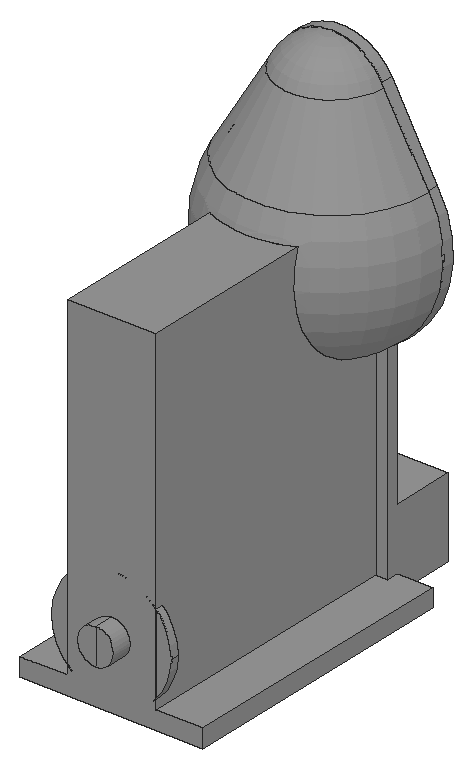
Revit family "Toilet-Willoughby-1490-HET-ETF-FM-BS-HC", category Plumbing Fixtures, host Face, Revit 2014
Parameters (values of type "Standard")
  Waste DIA = 2 1/4"
  Waste Connection = yes
  Vent Connection = no
  URL = "www.willoughby-ind.com"
  Type Comments = ""
  Revision = "A"
  Model = "ETF-1490-HET-FM-BS-HC"
  Manufacturer = "Willoughby Industries"
  HW Connection = no
  Flush Inlet DIA = 1 1/2"
  Flush Inlet Connection = yes
  Fixture Body = Stainless Steel AISI 304-Willoughby
  Description = "High Efficiency  Handicap Toilet"
  Default Elevation = 0' - 0"
  Contact = "(800) 428-4065"
  CW Connection = no
Reference planes (in)
  plane 1 "Center (Front/Back)": y = 0
  plane 2: z = 0
  plane 3 "Center (Left/Right) Waste": x = 0
  plane 4 "Seat HGT": y = 18
  plane 5: y = 17.25
  plane 6: z = 18.5
  plane 7: z = 14.933
  plane 8: x = 3.25
  plane 9: x = -3.25
  plane 10: z = 20.25
  plane 11: x = 7
  plane 12: z = 23.1875
  plane 13: z = 8
  plane 14: z = 10
  plane 15 "Flush HGT": y = 19.25
  plane 16: x = 2.75
  plane 17: x = -2.75
  plane 18: z = 27.75
  plane 19: x = 5.75
  plane 20: x = -5.75
  plane 21: z = 1.125
  plane 22: z = -3
  plane 23 "Unit HGT": y = 22
  plane 24: z = 30.75
  plane 25: z = 22.20827
  plane 26: z = 4.25
Forms (in)
  Extrusion 1, solid, material "Stainless Steel AISI 304-Willoughby" <- "Fixture Body"
    sketch origin (0, 0, 0) x (1, 0, 0) y (0, 1, 0)
      loop
        line (-5.75, 0) -> (5.75, 0) -> (5.75, 18) -> (-5.75, 18) -> (-5.75, 0)
    from 0 to 1.125
  Revolve 2, solid, material "Stainless Steel AISI 304-Willoughby" <- "Fixture Body"
    sketch origin (-60, 17.25, 60.14981) x (-1, 0, 0) y (0, 0, 1)
      loop
        line (-60, -46.89981) -> (-60, -46.39981)
        arc (-60, -46.39981) -> (-65.42136, -42.59037) -> (-65.23755, -35.96698) r 7
        line (-65.23755, -35.96698) -> (-62.80388, -31.72393) -> (-62.74416, -31.59711)
        arc (-62.74416, -31.59711) -> (-61.61332, -30.35842) -> (-60, -29.89981) r 3.067
        line (-60, -29.89981) -> (-60, -29.39981)
        arc (-60, -29.39981) -> (-61.93389, -29.96955) -> (-63.25, -31.49678) r 3.567
        line (-63.25, -31.49678) -> (-66.0721, -36.41706)
        arc (-66.0721, -36.41706) -> (-66.0572, -43.40842) -> (-60, -46.89981) r 7
      axis (-60, -29.39981) -> (-60, -46.89981)
    angle from 0 to 180
  Extrusion 3, solid, material "Stainless Steel AISI 304-Willoughby" <- "Fixture Body"
    sketch origin (0, 0, 12.20755) x (1, 0, 0) y (0, 0, 1)
      loop
        line (-3.5, 1.93865) -> (-3.5, -11.08255) -> (3.5, -11.08255) -> (3.5, 1.93865)
        arc (3.5, 1.93865) -> (6.77318, 6.23534) -> (6.01269, 11.58294) r 6.99928
        line (6.01269, 11.58294) -> (3.14932, 16.69649)
        arc (3.14932, 16.69649) -> (-0.10896, 18.5408) -> (-3.25, 16.50322) r 3.60945
        line (-3.25, 16.50322) -> (-6.10166, 11.42924)
        arc (-6.10166, 11.42924) -> (-6.75024, 6.14955) -> (-3.5, 1.93865) r 6.99928
      loop
        arc (-4.17861, 9.875) -> (0, 3.42) -> (4.17861, 9.875) r 4.58
        line (4.17861, 9.875) -> (1.45817, 16.45616)
        arc (1.45817, 16.45616) -> (-0.05754, 17.35793) -> (-1.5058, 16.35139) r 1.629
        line (-1.5058, 16.35139) -> (-4.17861, 9.875)
    from -18 to -17.25
  Extrusion 4, solid, material "Stainless Steel AISI 304-Willoughby" <- "Fixture Body"
    sketch origin (0, 0, 12.20827) x (0, 1, 0) y (0, 0, 1)
      loop
        line (0, 10) -> (0, -11.08327) -> (17.25, -11.08327) -> (17.25, 1.50333)
        arc (17.25, 1.50333) -> (12.13093, 4.2568) -> (11.23533, 10) r 6.52933
        line (11.23533, 10) -> (0, 10)
    from 2.75 to -2.75
  Revolve 5, solid, material "Stainless Steel AISI 304-Willoughby" <- "Fixture Body"
    sketch origin (0, 19.25, -24) x (0, 0, -1) y (-1, 0, 0)
      loop
        line (-21, 0) -> (-21, 0.75) -> (-25, 0.75) -> (-25, 0) -> (-21, 0)
      axis (-25, 0) -> (-21, 0)
    angle from 0 to 360
  Extrusion 6, solid, material "Stainless Steel AISI 304-Willoughby" <- "Fixture Body"
    sketch origin (0, 0, 0) x (1, 0, 0) y (0, 0, 1)
      loop
        line (3.5, 0) -> (3.5, 5) -> (-3.5, 5) -> (-3.5, 0) -> (3.5, 0)
    from -18 to -22
  Revolve 7, solid, material "Stainless Steel AISI 304-Willoughby" <- "Fixture Body"
    sketch origin (0, 0, 0) x (0, 1, 0) y (0, 0, 1)
      loop
        line (-1.25, 4.25) -> (1.75, 4.25) -> (1.75, 5.375) -> (-1.25, 5.375) -> (-1.25, 4.25)
      axis (1.75, 4.25) -> (-1.25, 4.25)
    angle from 0 to 360
  Extrusion 8, solid, material "Stainless Steel AISI 304-Willoughby" <- "Fixture Body"
    sketch origin (0, 0, 0) x (1, 0, 0) y (0, 0, 1)
      loop
        circle (0, 4.25) r 3.75
    from 0 to -0.5
Cuts and joins
  joined: Extrusion 1, Revolve 2, Extrusion 4
  joined: Extrusion 3, Extrusion 6
Lines and regions (in)
  symbolic lines
    curve 1: line (0, 0, 0) -> (0, 22, 0)
    curve 2: line (0, 22, 0) -> (0, 22, 5)
    curve 3: line (0, 22, 5) -> (0, 18, 5)
    curve 4: line (0, 18, 5) -> (0, 18, 30.75)
    curve 5: line (0, 18, 30.75) -> (0, 17.25, 30.75)
    curve 6: arc (0, 17.25, 30.75) -> (0, 15.52702, 30.30441) -> (0, 14.23609, 29.07936) r 3.55394
    curve 7: line (0, 14.23609, 29.07936) -> (0, 11.23199, 23.82221)
    curve 8: arc (0, 11.23199, 23.82221) -> (0, 10.83688, 23.03434) -> (0, 10.5295, 22.20827) r 8.11918
    curve 9: line (0, 11.1179, 22.20827) -> (0, 0, 22.20827)
    curve 10: line (0, 0, 22.20827) -> (0, 0, 0)
    curve 11: line (0, 0, 1.125) -> (0, 17.25, 1.125)
    curve 12: line (0, 17.25, 1.125) -> (0, 17.25, 14.1462)
    curve 13: line (0, 17.25, 14.1462) -> (0, 18, 14.1462)
    curve 14: arc (0, 12.02536, 16.4896) -> (0, 11.27842, 17.85778) -> (0, 10.8653, 19.36083) r 6.74878
    curve 15: arc (0, 10.8653, 19.36083) -> (0, 10.81924, 20.79984) -> (0, 11.1179, 22.20827) r 5.98954
    curve 16: arc (0, 17.25, 13.71161) -> (0, 14.72274, 14.34174) -> (0, 12.56338, 15.79822) r 7.50006
    curve 17: arc (0, 12.56338, 15.79822) -> (0, 12.28645, 16.13774) -> (0, 12.02536, 16.4896) r 9.55924
    curve 18: line (-6.99928, 18, 0) -> (6.99928, 18, 0)
    curve 19: line (6.99928, 18, 0) -> (6.99928, 17.25, 0)
    curve 20: arc (6.99928, 17.25, 0) -> (5.84117, 13.39339, 0) -> (2.75, 10.8128, 0) r 7.00046
    curve 21: line (2.75, 11.1179, 0) -> (2.75, 0, 0)
    curve 22: line (2.75, 0.5, 0) -> (3.75, 0.5, 0)
    curve 23: line (3.75, 0.5, 0) -> (3.75, 0, 0)
    curve 24: line (5.75, 13.25871, 0) -> (5.75, 0, 0)
    curve 25: line (5.75, 0, 0) -> (-5.75, 0, 0)
    curve 26: line (-5.75, 0, 0) -> (-5.75, 13.25, 0)
    curve 27: line (-2.75, 11.1179, 0) -> (-2.75, 0, 0)
    curve 28: line (-2.75, 0.5, 0) -> (-3.75, 0.5, 0)
    curve 29: line (-3.75, 0.5, 0) -> (-3.75, 0, 0)
    curve 30: arc (-2.75, 11.1179, 0) -> (0, 10.5295, 0) -> (2.75, 11.1179, 0) r 6.7205
    curve 31: arc (-2.75, 10.75, 0) -> (-5.80758, 13.3901, 0) -> (-6.99928, 17.25, 0) r 7.3205
    curve 32: line (-6.99928, 17.25, 0) -> (-6.99928, 18, 0)
    curve 33: line (-3.5, 18, 0) -> (-3.5, 22, 0)
    curve 34: line (-3.5, 22, 0) -> (3.5, 22, 0)
    curve 35: line (3.5, 22, 0) -> (3.5, 18, 0)
    curve 36: line (-3.5, 0, 14.1462) -> (-3.5, 0, 1.1462)
    curve 37: line (-3.5, 0, 1.1462) -> (-5.75, 0, 1.1462)
    curve 38: line (-5.75, 0, 1.1462) -> (-5.75, 0, 0)
    curve 39: line (-5.75, 0, 0) -> (5.75, 0, 0)
    curve 40: line (5.75, 0, 0) -> (5.75, 0, 1.125)
    curve 41: line (5.75, 0, 1.125) -> (3.5, 0, 1.125)
    curve 42: line (3.5, 0, 1.125) -> (3.5, 0, 14.1462)
    curve 43: arc (3.5, 0, 14.1462) -> (6.7563, 0, 18.41085) -> (6.0721, 0, 23.73275) r 7.05679
    curve 44: line (6.0721, 0, 23.73275) -> (3.14229, 0, 28.91654)
    curve 45: arc (3.14229, 0, 28.91654) -> (0, 0, 30.75) -> (-3.14229, 0, 28.91654) r 3.60945
    curve 46: arc (-3.14229, 0, 28.91654) -> (-4.60542, 0, 26.2983) -> (-6.09394, 0, 23.69441) r 308.42622
    curve 47: arc (-6.09394, 0, 23.69441) -> (-6.78579, 0, 18.38001) -> (-3.5, 0, 14.1462) r 6.96819
  symbolic lines, detail levels fine
    curve 48: arc (-4.23214, 0, 21.95838) -> (0.06761, 0, 15.62805) -> (4.17861, 0, 22.08255) r 4.58
    curve 49: line (4.17861, 0, 22.08255) -> (1.45817, 0, 28.66371)
    curve 50: arc (1.45817, 0, 28.66371) -> (0, 0, 29.5665) -> (-1.45817, 0, 28.66371) r 1.629
    curve 51: line (-1.45817, 0, 28.66371) -> (-4.23214, 0, 21.95838)
    curve 52: arc (-3.5, 0, 5.59629) -> (-3.75, 0, 4.25) -> (-3.5, 0, 2.90371) r 3.75
    curve 53: arc (3.5, 0, 2.8962) -> (3.75039, 0, 4.24625) -> (3.5, 0, 5.59629) r 3.76475
  symbolic lines, detail levels medium+fine
    curve 54: line (-3.5, 0, 5) -> (3.5, 0, 5)
Dimensions and locks (in)
  equal spacing: plane 8, plane 3 "Center (Left/Right) Waste", plane 9
  plane 8 to plane 9 = 0' - 6 1/2"
  host face to plane 10 = 1' - 8 1/4"
  plane 6 to level = 1' - 6 1/2"
  plane 4 "Seat HGT" to plane 1 "Center (Front/Back)" = 1' - 6"
  locked: plane 1 "Center (Front/Back)" to plane 15 "Flush HGT" at 19.25
  locked: plane 17 to plane 16 at 5.5
  plane 5 to plane 1 "Center (Front/Back)" = 1' - 5 1/4"
  level to plane 18 = 2' - 3 3/4"
  locked: plane 20 to plane 19 at 11.5
  plane 1 "Center (Front/Back)" to plane 4 "Seat HGT" = 1' - 6"
  cut or joined group of Extrusion 3, Extrusion 6 to plane 1 "Center (Front/Back)" = 1' - 10"
  locked: plane 1 "Center (Front/Back)" to plane 23 "Unit HGT" at 22
  locked: plane 20 to plane 3 "Center (Left/Right) Waste" at 5.75
  plane 23 "Unit HGT" to plane 1 "Center (Front/Back)" = 1' - 10"
  plane 18 to level = 2' - 3 3/4"
  plane 19 to plane 20 = 0' - 11 1/2"
  plane 15 "Flush HGT" to plane 1 "Center (Front/Back)" = 1' - 7 1/4"
  plane 26 to level = 0' - 4 1/4"
  locked: plane 24 to level at 30.75
  aligned and locked: plane 2 to host face
  aligned and locked: level to host face
  aligned and locked: plane 19 to Extrusion 1
  aligned and locked: Extrusion 1 to plane 20
  aligned and locked: plane 16 to Extrusion 4
  aligned and locked: Extrusion 4 to plane 17
  aligned and locked: Extrusion 6 to Extrusion 3
  aligned and locked: Extrusion 6 to level
  aligned and locked: Extrusion 3 to Extrusion 6
  aligned and locked: Revolve 7 sketch curve to Revolve 7 sketch curve  (x2)
Automatic sketch dimensions
  host sketch curve to host sketch curve = 3' - 6.09429"
  host sketch curve to host sketch curve = 4' - 3.69331"
  Extrusion 3 sketch curve to Extrusion 3 sketch curve = 0' - 0"  (x4)
  Extrusion 3 sketch curve to plane 9 = 0' - 0"
  Extrusion 3 sketch curve to plane 3 "Center (Left/Right) Waste" = 0' - 0"  (x3)
  plane 13 to Extrusion 3 sketch curve = 1' - 0.20755"
  plane 7 to Extrusion 3 sketch curve = 1' - 0.20755"
  Extrusion 3 sketch curve to plane 9 = 0' - 0 1/4"
  Extrusion 3 sketch curve to plane 9 = 0' - 0.92861"
  Extrusion 3 sketch curve to plane 3 "Center (Left/Right) Waste" = 0' - 1.5058"
  plane 3 "Center (Left/Right) Waste" to Extrusion 3 sketch curve = 0' - 1.45817"
  Extrusion 3 sketch curve to plane 8 = 0' - 0.10068"
  plane 8 to Extrusion 3 sketch curve = 0' - 0 1/4"
  plane 8 to Extrusion 3 sketch curve = 0' - 0.92861"
  level to Extrusion 3 sketch curve = 1' - 2.1462"  (x2)
  plane 13 to Extrusion 3 sketch curve = 1' - 2.08255"
  Extrusion 3 sketch curve to Extrusion 3 sketch curve = 0' - 0.79695"
  plane 7 to Extrusion 3 sketch curve = 1' - 1.62595"
  plane 7 to Extrusion 3 sketch curve = 1' - 1.77778"
  Extrusion 3 sketch curve to Extrusion 3 sketch curve = 1' - 1.0212"
  plane 14 to Extrusion 4 sketch curve = 1' - 0.20827"
  Extrusion 4 sketch curve to plane 5 = 0' - 0"
  plane 5 to Extrusion 4 sketch curve = 0' - 0.21015"
  plane 13 to Extrusion 4 sketch curve = 1' - 0.23755"
  level to Extrusion 4 sketch curve = 0' - 1 1/8"
  Extrusion 4 sketch curve to plane 5 = 0' - 6.01467"
  Revolve 2 sketch curve to Revolve 2 sketch curve = 0' - 0"  (x3)
  Revolve 2 sketch curve to plane 8 = 0' - 0"
  Revolve 2 sketch curve to plane 3 "Center (Left/Right) Waste" = 0' - 0"  (x3)
  Revolve 2 sketch curve to plane 10 = 0' - 0"
  Revolve 2 sketch curve to plane 8 = 0' - 0.44612"
  Revolve 2 sketch curve to Revolve 2 sketch curve = 0' - 0.05972"
  plane 10 to Revolve 2 sketch curve = 0' - 0.45007"
  Revolve 2 sketch curve to plane 3 "Center (Left/Right) Waste" = 0' - 0.83455"
  level to Revolve 2 sketch curve = 1' - 1 3/4"
  Revolve 2 sketch curve to Revolve 2 sketch curve = 0' - 0 1/2"
  plane 7 to Revolve 2 sketch curve = 1' - 0 1/4"
  plane 7 to Revolve 2 sketch curve = 1' - 1.49288"
  Revolve 2 sketch curve to Revolve 2 sketch curve = 0' - 0.12681"
  Revolve 2 sketch curve to Revolve 2 sketch curve = 0' - 0.22715"
  Revolve 5 sketch curve to plane 3 "Center (Left/Right) Waste" = 0' - 0"  (x2)
  level to Revolve 5 sketch curve = 0' - 1"
  Revolve 5 sketch curve to plane 3 "Center (Left/Right) Waste" = 0' - 0 3/4"
  Revolve 5 sketch curve to level = 0' - 3"
  Revolve 5 sketch curve to Revolve 5 sketch curve = 0' - 0"
  Revolve 5 sketch curve to Revolve 5 sketch curve = 0' - 1 1/2"
  Extrusion 1 sketch curve to plane 9 = 0' - 2 1/2"
  plane 6 to Extrusion 3 sketch curve = 0' - 5.13679"
  plane 8 to Extrusion 1 sketch curve = 0' - 2 1/2"
  plane 6 to Revolve 2 sketch curve = 0' - 5.68282"
  plane 6 to Revolve 2 sketch curve = 0' - 5.23275"
  plane 6 to Extrusion 3 sketch curve = 0' - 5.2905"
  Extrusion 6 sketch curve to level = 0' - 0"
  Extrusion 6 sketch curve to plane 9 = 0' - 0 1/4"
  plane 8 to Extrusion 6 sketch curve = 0' - 0 1/4"
  Extrusion 6 sketch curve to plane 13 = 0' - 3"
  plane 1 "Center (Front/Back)" to Extrusion 1 sketch curve = 0' - 0"
  Extrusion 4 sketch curve to plane 1 "Center (Front/Back)" = 0' - 0"
  Extrusion 1 sketch curve to plane 4 "Seat HGT" = 0' - 0"
  Revolve 7 sketch curve to plane 26 = 0' - 0"
  plane 1 "Center (Front/Back)" to Revolve 7 sketch curve = 0' - 1 1/4"
  Revolve 7 sketch curve to plane 1 "Center (Front/Back)" = 0' - 1 3/4"
  Revolve 7 sketch curve to Revolve 7 sketch curve = 0' - 1 1/8"
  Revolve 7 sketch curve to Revolve 7 sketch curve = 0' - 0"
  Extrusion 8 sketch curve to plane 3 "Center (Left/Right) Waste" = 0' - 0"
  Extrusion 8 sketch curve to plane 26 = 0' - 0"
  curve 1 to level = 0' - 0"
  curve 1 to plane 1 "Center (Front/Back)" = 0' - 0"
  curve 8 to plane 25 = 0' - 0"
  curve 16 to plane 5 = 0' - 0"
  curve 5 to plane 5 = 0' - 0"
  curve 4 to plane 4 "Seat HGT" = 0' - 0"
  curve 3 to plane 23 "Unit HGT" = 0' - 0"
  curve 11 to plane 21 = 0' - 0"
  curve 5 to plane 24 = 0' - 0"
  plane 25 to curve 7 = 0' - 1.61394"
  curve 9 to curve 7 = 0' - 0.1141"
  plane 18 to curve 7 = 0' - 1.32936"
  curve 7 to curve 6 = 0' - 3.01391"
  curve 15 to plane 5 = 0' - 0.46465"
  plane 5 to curve 14 = 0' - 0.28578"
  curve 16 to plane 4 "Seat HGT" = 0' - 0.22672"
  plane 4 "Seat HGT" to curve 8 = 0' - 0.28141"
  curve 17 to plane 25 = 0' - 0.19977"
  plane 15 "Flush HGT" to curve 17 = 0' - 0.58054"
  plane 26 to curve 4 = 0' - 0 3/4"
  curve 12 to plane 7 = 0' - 0.7868"
  curve 8 to curve 15 = 0' - 0.47663"
  curve 15 to curve 14 = 0' - 0.11532"
  curve 14 to curve 16 = 0' - 0.80747"
  curve 14 to curve 15 = 0' - 0"
  curve 15 to curve 17 = 0' - 1.16006"
  curve 14 to curve 17 = 0' - 0"
  curve 17 to curve 17 = 0' - 0.53802"
  curve 16 to curve 12 = 0' - 0.4346"
  curve 31 to plane 5 = 0' - 0"
  curve 32 to plane 4 "Seat HGT" = 0' - 0"
  plane 1 "Center (Front/Back)" to curve 26 = 0' - 0"
  curve 26 to plane 20 = 0' - 0"
  curve 27 to plane 17 = 0' - 0"
  curve 20 to plane 5 = 0' - 0"
  curve 30 to plane 3 "Center (Left/Right) Waste" = 0' - 0"
  curve 21 to plane 16 = 0' - 0"
  curve 35 to plane 23 "Unit HGT" = 0' - 0"
  curve 24 to plane 19 = 0' - 0"
  curve 30 to plane 5 = 0' - 0"
  curve 18 to plane 20 = 0' - 1.24928"
  curve 28 to plane 9 = 0' - 0 1/2"
  curve 33 to plane 9 = 0' - 0 1/4"
  curve 20 to plane 3 "Center (Left/Right) Waste" = 0' - 0.00118"
  plane 5 to curve 31 = 0' - 0.14577"
  plane 3 "Center (Left/Right) Waste" to curve 31 = 0' - 0.31976"
  plane 8 to curve 23 = 0' - 0 1/2"
  plane 19 to curve 19 = 0' - 1.24928"
  curve 22 to plane 1 "Center (Front/Back)" = 0' - 0 1/2"
  curve 28 to plane 1 "Center (Front/Back)" = 0' - 0 1/2"
  curve 31 to curve 27 = 0' - 0.3679"
  plane 8 to curve 35 = 0' - 0 1/4"
  curve 30 to curve 26 = 0' - 2.1321"
  curve 38 to plane 20 = 0' - 0"
  curve 50 to plane 3 "Center (Left/Right) Waste" = 0' - 0"
  curve 45 to plane 3 "Center (Left/Right) Waste" = 0' - 0"
  curve 52 to plane 3 "Center (Left/Right) Waste" = 0' - 0"
  curve 48 to plane 3 "Center (Left/Right) Waste" = 0' - 0"
  curve 41 to plane 21 = 0' - 0"
  curve 39 to level = 0' - 0"
  curve 39 to plane 19 = 0' - 0"
  curve 52 to plane 26 = 0' - 0"
  curve 46 to plane 20 = 22' - 3.35964"
  plane 21 to curve 37 = 0' - 0.0212"
  plane 17 to curve 51 = 0' - 1.29183"
  curve 47 to plane 3 "Center (Left/Right) Waste" = 0' - 0.06133"
  curve 47 to curve 43 = 0' - 0.00189"
  curve 53 to plane 26 = 0' - 0.00375"
  curve 53 to plane 3 "Center (Left/Right) Waste" = 0' - 0.01436"
  plane 18 to curve 49 = 0' - 0.91371"
  plane 3 "Center (Left/Right) Waste" to curve 49 = 0' - 1.45817"
  curve 44 to plane 8 = 0' - 0.10771"
  plane 8 to curve 41 = 0' - 0 1/4"
  curve 49 to plane 25 = 0' - 0.12572"
  plane 8 to curve 49 = 0' - 0.92861"
  plane 19 to curve 44 = 0' - 0.3221"
  curve 42 to plane 7 = 0' - 0.7868"
  curve 36 to plane 7 = 0' - 0.7868"
  plane 6 to curve 47 = 0' - 1.70683"
  curve 47 to curve 48 = 0' - 0.00073"
  curve 47 to curve 43 = 0' - 0.03271"
  curve 45 to plane 18 = 0' - 0.60945"
  plane 18 to curve 50 = 0' - 0 3/16"
  plane 18 to curve 44 = 0' - 1.16654"
  plane 24 to curve 46 = 12' - 3.31198"
  curve 46 to curve 47 = 0' - 0"
  curve 48 to plane 25 = 0' - 0.2499"
  curve 51 to plane 25 = 0' - 0.2499"
  curve 54 to plane 9 = 0' - 0 1/4"
  curve 53 to plane 26 = 0' - 1.3538"
  curve 52 to plane 26 = 0' - 1.34629"
  curve 54 to curve 53 = 0' - 0.59629"
  radius of Extrusion 8 sketch curve = 0' - 3 3/4"
Connectors (in)
  piping at (0, 19.25, -3), diameter 1.5, driven by "Flush Inlet Connection", driven by "Flush Inlet DIA"
    settings: on Revolve 5, index 2, connector inside diameter 24", connector length 0' - 0", flow factor 0, pipe flow 0 GPM, pressure drop 0.00 psi, fitting loss kfactor 0, connector angle 0.00°, fixture units 0, engagement length 0' - 0", angle of deflection 0.00°, flow configuration 0, flow direction 1, fitting loss method 0, system type 20, joint type 0, gender type 0, connector reference index -1, connector utility 1, adjustable connector no, is connector primary yes, connector description "Flush Inlet"
  piping at (0, -1.25, 4.25), diameter 2.25, driven by "Waste Connection", driven by "Waste DIA"
    settings: on Revolve 7, index 3, connector inside diameter 24", connector length 0' - 0", flow factor 0, pipe flow 0 GPM, pressure drop 0.00 psi, fitting loss kfactor 0, connector angle 0.00°, fixture units 0, engagement length 0' - 0", angle of deflection 0.00°, flow configuration 0, flow direction 2, fitting loss method 0, system type 16, joint type 0, gender type 0, connector reference index -1, connector utility 1, adjustable connector no, is connector primary no, connector description "Toilet Waste"
